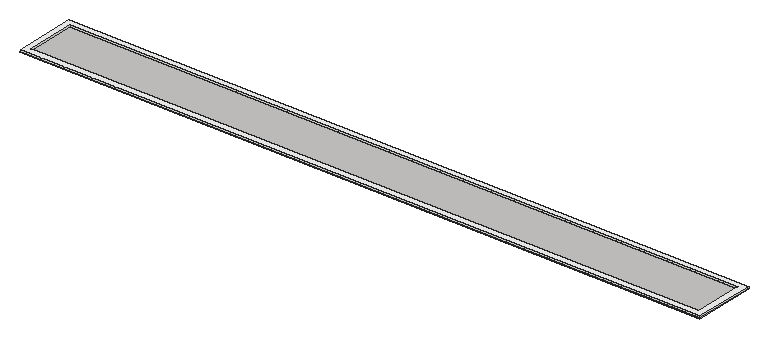
Revit family "4L-R-D", category Lighting Fixtures, host Face, Revit 2014
Parameters (values of type "4L-R-D-04'")
  Width = 4.250"  # constant formula
  Wattage = 34 W
  Warranty = "5-Years Warranty"  # constant formula
  built-in parameter 1150110 = 1 (stored number, unit not read)
  Voltage = 120 V
  Type Comments = "Lighting Fixture"  # constant formula
  built-in parameter 1114217 = 1 (stored number, unit not read)
  Tilt Angle = 90.00°
  built-in parameter 1150109 = 1 (stored number, unit not read)
  built-in parameter 1150134 = (empty or 0)
  built-in parameter 1150113 = 1 (stored number, unit not read)
  Starting Length = (Row Length / 2) * -1  # -24.000"
  Product URL = "https://www.hubbell.com/litecontrol/en/Products/Lighting-Controls/Commercial-Indoor-Lighting/Architectural-Slots/MOD-4L-LED-Recessed-Slot/p/277664"
  Product Documentation URL = "https://hubbellcdn.com/specsheet/4L-R-D.pdf"
  Power Factor = 1
  Photometric Web Link = "https://www.hubbell.com/litecontrol/en/Products/Lighting-Controls/Commercial-Indoor-Lighting/Architectural-Slots/MOD-4L-LED-Recessed-Slot/p/277664#prod-photometry-section"
  Photometric Web File = "4L-R-AD-4-ASYM-X-CX-35K-D030.ies"
  Photometric Notes = "More IES files download on Photometric Link"  # constant formula
  Row Length = 48.000"
  Wattage Comments = "18W"
  URL = "https://www.hubbell.com/litecontrol/en/"
  Mounting = "Recessed"  # constant formula
  Model = "MOD™ 4L LED Recessed Slot"  # constant formula
  Manufacturer = "Litecontrol Lighting"  # constant formula
  built-in parameter 1150105 = 265.15 (stored number, unit not read)
  Lumens = 3332 lm
  built-in parameter 1150115 = 1 (stored number, unit not read)
  Load Classification = Lighting
  built-in parameter 1150137 = (empty or 0)
  built-in parameter 1150139 = (empty or 0)
  built-in parameter 1150112 = 1 (stored number, unit not read)
  built-in parameter 1150114 = 1 (stored number, unit not read)
  Lamp = "LED"  # constant formula
  built-in parameter 1150132 = (empty or 0)
  built-in parameter 1150102 = (empty or 0)
  built-in parameter 1150107 = 3500 (stored number, unit not read)
  built-in parameter 1150138 = (empty or 0)
  built-in parameter 1150106 = 2.6515 (stored number, unit not read)
  Glass = Paint - Hubbell - Textured Matte White
  Fixture Distribution = "Direct"  # constant formula
  Features = "Variable Intensity technology provides specifiable lumen output/wattage\r\nEnd cap design eliminates visible diffuser seams/gaps\r\n2 SDCM color variation\r\nAvailable on Litespeed 10-Day Quick Ship program in select configurations\r\nSpectraSync™ Color Tuning Technology available\r\nNX Distributed Intelligence™ wired and wireless controls capability available\r\nPowerHUBB™ PoE Lighting and Control options available"  # constant formula
  Ending Length = (Row Length / 2)  # 24.000"
  Emit from Rectangle Width = Row Length - 1.000"  # 47.000"
  Emit from Rectangle Length = Width - 0.500"  # 3.750"
  Emit Shape Visible in Rendering = no
  built-in parameter 1150104 = 9.1045 (stored number, unit not read)
  Dimming Lamp Color Temperature Shift = <None>
  Description = "The MOD™ 4L LED Recessed Slot (4L-R-D) is part of the MODx family, which is an affordably-priced, full-featured offering with best-in-class attention to detail."  # constant formula
  Default Elevation = 48.000"
  Create Date = "05/30/2019"  # constant formula
  Copyright = "Copyright © 2019 Litecontrol"  # constant formula
  Contact Us = "https://www.hubbell.com/hubbelllightingci/en/contactUS"
  Color Filter = 16777215
  Bulb = Glass - Hubbell - White
  built-in parameter 1114218 = 1 (stored number, unit not read)
  Housing Material = Paint - Hubbell - Matte White
  built-in parameter 1150133 = 10 (stored number, unit not read)
  Assembly Code = "D5020200"
  Application = "Commercial Indoor,Institutional,Education,Library,Office,Public Space,Retail"  # constant formula
  Apparent Load = 0 VA
Types (7): name | Starting Length | Row Length | Ending Length | Emit from Rectangle Width
  (no name) | -24.000" | 48.000" | 24.000" | 47.000"
  4L-R-D-02' | -12.000" | 24.000" | 12.000" | 23.000"
  4L-R-D-03' | -18.000" | 36.000" | 18.000" | 35.000"
  4L-R-D-04' | -24.000" | 48.000" | 24.000" | 47.000"
  4L-R-D-05' | -30.000" | 60.000" | 30.000" | 59.000"
  4L-R-D-06' | -36.000" | 72.000" | 36.000" | 71.000"
  4L-R-D-08' | -48.000" | 96.000" | 48.000" | 95.000"
Reference planes (in)
  plane 1 "Center (Front/Back)": y = 13.01342
  plane 2: z = 0
  plane 3 "Center (Left/Right)": x = 2.36211
  plane 4: x = -21.63789
  plane 5: x = 26.36211
  plane 6: y = 15.13842
  plane 7: y = 10.88842
  plane 8: z = 4.438
  plane 9: z = -4.438
  plane 10: x = 65.15898
  plane 11: x = -60.43477
Forms (in)
  Sweep 1, solid, material "Paint - Hubbell - Matte White" <- "Housing Material"
    path in 3D
      loop
        line (-21.63789, 10.88842, 0.05) -> (26.36211, 10.88842, 0.05) -> (26.36211, 15.13842, 0.05) -> (-21.63789, 15.13842, 0.05) -> (-21.63789, 10.88842, 0.05)
    profile origin (-21.63789, 13.01342, 0.05) x (1, 0, 0) y (0, 0, 1)
      loop
        line (0, 0) -> (0.4, 0) -> (0.4, 0.12) -> (0, 0.12) -> (0, 0)
  Extrusion 2, void
    sketch origin (0, 0, 0) x (1, 0, 0) y (0, 1, 0)
      loop
        line (-21.63789, 15.13842) -> (-21.63789, 10.88842) -> (26.36211, 10.88842) -> (26.36211, 15.13842) -> (-21.63789, 15.13842)
    from 0 to -4.438
  Extrusion 3, solid, material "Paint - Hubbell - Textured Matte White" <- "Glass"
    sketch origin (0, 0, 0) x (1, 0, 0) y (0, 1, 0)
      loop
        line (-21.63789, 15.13842) -> (-21.63789, 10.88842) -> (26.36211, 10.88842) -> (26.36211, 15.13842) -> (-21.63789, 15.13842)
    from 0.05 to 0
Cuts and joins
  Extrusion 2 cuts Sweep 1
Lines and regions (in)
  sketch lines
    curve 1: line (-21.63789, 15.13842, 0.05) -> (-21.63789, 10.88842, 0.05)
    curve 2: line (26.36211, 15.13842, 0.05) -> (-21.63789, 15.13842, 0.05)
    curve 3: line (-21.63789, 10.88842, 0.05) -> (26.36211, 10.88842, 0.05)
    curve 4: line (26.36211, 10.88842, 0.05) -> (26.36211, 15.13842, 0.05)
Dimensions and locks (in)
  equal spacing: plane 4, plane 3 "Center (Left/Right)", plane 5
  "Row Length": plane 4 to plane 5
  "Width": plane 7 to plane 6
  equal spacing: plane 7, plane 1 "Center (Front/Back)", plane 6
  equal spacing: plane 10, plane 3 "Center (Left/Right)", plane 11
  aligned and locked: plane 2 to host face
  aligned and locked: level to host face
  aligned and locked: imposter light to plane 1 "Center (Front/Back)"
  aligned and locked: Extrusion 3 to plane 4
  aligned and locked: imposter light to plane 3 "Center (Left/Right)"
Automatic sketch dimensions
  host sketch curve to host sketch curve = 96.000"  (x2)
  Sweep 1 sketch curve to profile plane = 0.000"  (x2)
  profile plane to Sweep 1 sketch curve = 0.120"
  Sweep 1 sketch curve to Sweep 1 sketch curve = 0.400"
  Extrusion 2 sketch curve to plane 4 = 0.000"
  Extrusion 2 sketch curve to plane 5 = 0.000"
  plane 7 to Extrusion 2 sketch curve = 0.000"
  plane 6 to Extrusion 2 sketch curve = 0.000"
  Extrusion 3 sketch curve to plane 3 "Center (Left/Right)" = 24.000"
  Extrusion 3 sketch curve to plane 5 = 0.000"
  plane 7 to Extrusion 3 sketch curve = 0.000"
  plane 6 to Extrusion 3 sketch curve = 0.000"
Connectors (in)
  electrical at (2.36211, 13.01342, 0.17), driven by "Apparent Load", driven by "Voltage", driven by "Load Classification"
    settings: on cut or joined group of Sweep 1, Extrusion 2, index 1, voltage 120 V, apparent load 0 VA, apparent load phase1 0 VA, apparent load phase2 0 VA, apparent load phase3 0 VA, power factor 1, load classification "Lighting", number of poles 1, system type 30, power factor state 1, is connector primary yes, connector utility no, sub classification motor no, connector description "Lighting Connector"
